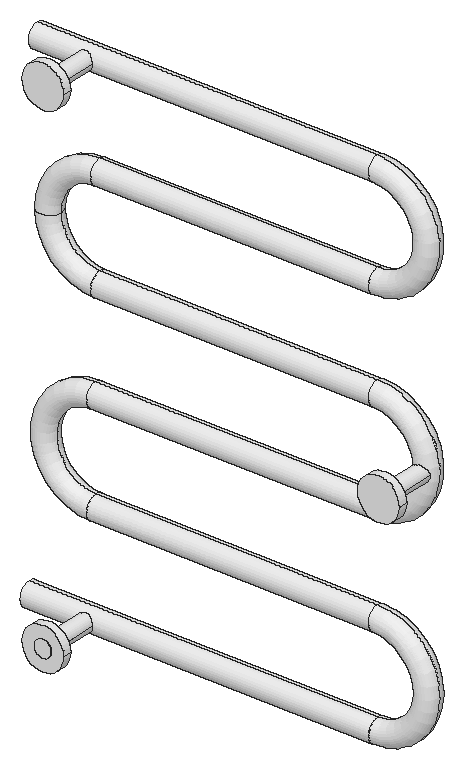
Revit family "EE 400 S 5K R", category Generic Models, host Wall, Revit 2017
Family settings
  Host = Wall
  Can host rebar = No
  Round Connector Dimension = Use Diameter
  Part Type = Normal
  Always vertical = Yes
  Cut with Voids When Loaded = No
  Shared = No
  Room Calculation Point = No
Parameters
  URL = "http://www.sentakia.com/sahkotoimiset-pyyhekuivaimet/"
  Teho = "60 W"
  Sähkönumero = "8112500"
  Sentakia_Material_Default = Stainless Steel, Polished_sentakia
  RAL-väri [instance] = no
  RAL-koodi [instance] = ""
  Model = "EE 400 S 5K R"
  Materiaali = "kromattu teräs"
  Manufacturer = "Sentakia Oy"
  Leveys = 400 mm  # constant formula
  LVI = "5282041"
  Keynote = "6120"
  IP = "IP 44"
  Height = 600 mm
  EAN = "4770046006613"
  Depth = 88 mm  # constant formula
  Assembly Code = ""
Reference planes
  plane 1 "Wall": y = 0
  plane 2 "Center (Left/Right)": x = 125
  plane 3 "Back": y = 75
  plane 4 "Outer": y = 163
  plane 5: y = 135
  plane 6 "Connector lower": z = 1200
  plane 7 "Connector upper": z = 1800
  plane 8: z = 1210
  plane 9: z = 1190
  plane 10 "r": x = 325
  plane 11 "l": x = -75
  plane 12 "Pipe": y = 149
  plane 13 "Tikas1": z = 1320
  plane 14: z = 1560
  plane 15: z = 1440
  plane 16: z = 1680
  plane 17: x = -140
  plane 18 "Handler middle": z = 1500
  plane 19: y = 85
  plane 20: x = -150
Forms (mm)
  Extrusion 1, solid, material "Stainless Steel, Polished_sentakia" <- "Sentakia_Material_Default", detail levels medium+fine
    sketch origin (0, 0, 0) x (1, 0, 0) y (0, 0, 1)
      loop
        circle (-75, 1200) r 10
    from -149 to -75
  Extrusion 2, solid, material "Stainless Steel, Polished_sentakia" <- "Sentakia_Material_Default", detail levels medium+fine
    sketch origin (0, 0, 310) x (1, 0, 0) y (0, 0, 1)
      loop
        circle (-75, 1490) r 10
    from -149 to -75
  Extrusion 3, solid, material "Stainless Steel, Polished_sentakia" <- "Sentakia_Material_Default", detail levels coarse
    sketch origin (125, 0, 0) x (0, 1, 0) y (0, 0, 1)
      loop
        line (163, 1800) -> (75, 1800) -> (75, 1200) -> (163, 1200) -> (163, 1800)
    from -265 to 200
  Sweep 4, solid, material "Stainless Steel, Polished_sentakia" <- "Sentakia_Material_Default", detail levels medium+fine
    path origin (0, 163, 0) x (0, 0, 1) y (-1, 0, 0)
      loop
        line (1800, 140) -> (1800, -265)
        arc (1800, -265) -> (1740, -325) -> (1680, -265) r 60
        line (1680, -265) -> (1680, 66)
        arc (1680, 66) -> (1662.426, 108.426) -> (1620, 126) r 60
        arc (1620, 126) -> (1577.574, 108.426) -> (1560, 66) r 60
        line (1560, 66) -> (1560, -265)
        arc (1560, -265) -> (1500, -325) -> (1440, -265) r 60
        line (1440, -265) -> (1440, 71.02)
        arc (1440, 71.02) -> (1380, 131.02) -> (1320, 71.02) r 60
        line (1320, 71.02) -> (1320, -265)
        arc (1320, -265) -> (1260, -325) -> (1200, -265) r 60
        line (1200, -265) -> (1200, 150)
    profile origin (62.5, 163, 1800) x (0, 0, 1) y (0, -1, 0)
      loop
        circle (0, 14) r 13.953
  Extrusion 5, solid, material "Stainless Steel, Polished_sentakia" <- "Sentakia_Material_Default", detail levels medium+fine
    sketch origin (0, 0, 0) x (1, 0, 0) y (0, 0, 1)
      loop
        circle (325, 1500) r 10
    from -149 to -75
  Extrusion 6, solid, material "Stainless Steel, Polished_sentakia" <- "Sentakia_Material_Default", detail levels medium+fine
    sketch origin (0, 0, 0) x (1, 0, 0) y (0, 0, 1)
      loop
        circle (325, 1500) r 25
    from -85 to -75
  Extrusion 7, solid, material "Stainless Steel, Polished_sentakia" <- "Sentakia_Material_Default", detail levels medium+fine
    sketch origin (0, 0, 0) x (1, 0, 0) y (0, 0, 1)
      loop
        circle (-75, 1800) r 25
    from -85 to -75
  Extrusion 8, solid, material "Stainless Steel, Polished_sentakia" <- "Sentakia_Material_Default", detail levels medium+fine
    sketch origin (0, 0, -600) x (1, 0, 0) y (0, 0, 1)
      loop
        circle (-75, 1800) r 25
    from -85 to -75
Cuts and joins
  joined: Extrusion 1, Extrusion 2, Sweep 4, Extrusion 5, Extrusion 6, Extrusion 7
Lines and regions (mm)
  symbolic lines, detail levels coarse
    curve 1: line (-140, 75, 0) -> (325, 75, 0)
    curve 2: line (-140, 163, 0) -> (-140, 75, 0)
    curve 3: line (325, 163, 0) -> (-140, 163, 0)
    curve 4: line (325, 75, 0) -> (325, 163, 0)
Text (mm)
  text "Placement Side" at (-1848.837, 1116.779, 0), in view "Ref. Level"
  text "Placement side" at (0, 1409.804, 2854.306), in view "Left"
  text "Placement side" at (0, 499.811, 2980.732), in view "Right"
Dimensions and locks
  locked: plane 3 "Back" to host wall
  "Depth": plane 4 "Outer" to host wall
  locked: plane 4 "Outer" to plane 5 at 28
  "Leveys": plane 11 "l" to plane 10 "r"
  plane 7 "Connector upper" to level = 1800 mm
  plane 7 "Connector upper" to plane 6 "Connector lower" = 600 mm
  equal spacing: plane 11 "l", plane 2 "Center (Left/Right)", plane 10 "r"
  plane 6 "Connector lower" to plane 7 "Connector upper" = 600 mm
  equal spacing: plane 6 "Connector lower", plane 13 "Tikas1", plane 15, plane 14, plane 16, plane 7 "Connector upper"
  "Height": plane 6 "Connector lower" to plane 7 "Connector upper"
  level to plane 7 "Connector upper" = 1800 mm
  plane 8 to plane 6 "Connector lower" to plane 9 = 10 mm, 10 mm
  plane 20 to plane 17 to plane 10 "r" = 10 mm locked, 465 mm locked
  equal spacing: plane 15, plane 18 "Handler middle", plane 14
  locked: host wall to plane 12 "Pipe" at 74
  locked: Extrusion 3 to plane 19 at 10
  aligned and locked: plane 1 "Wall" to host wall
  aligned and locked: Extrusion 1 to host wall
  aligned and locked: Extrusion 2 to host wall
  aligned and locked: plane 11 "l" to Extrusion 2 sketch curve
  aligned and locked: Extrusion 3 to plane 10 "r"
  aligned and locked: Extrusion 3 to host wall
  aligned and locked: plane 7 "Connector upper" to Extrusion 3
  aligned and locked: Extrusion 3 to plane 6 "Connector lower"
  aligned and locked: plane 17 to Extrusion 3
  aligned and locked: plane 3 "Back" to Extrusion 1
  aligned and locked: Extrusion 5 to host wall
  aligned and locked: Extrusion 6 to host wall
  aligned and locked: Extrusion 1 to plane 12 "Pipe"
  aligned and locked: plane 3 "Back" to Extrusion 5
  aligned and locked: plane 3 "Back" to Extrusion 2
  aligned and locked: plane 3 "Back" to Extrusion 6
  aligned and locked: plane 12 "Pipe" to Sweep 4 sketch curve
  aligned and locked: Extrusion 2 to plane 12 "Pipe"
  aligned and locked: Extrusion 6 to plane 19
  aligned and locked: Extrusion 7 to plane 19
  aligned and locked: Extrusion 7 to host wall
  aligned and locked: Extrusion 5 to plane 12 "Pipe"
  aligned and locked: Extrusion 8 to host wall
  aligned and locked: Extrusion 8 to plane 19
  aligned and locked: plane 20 to Sweep 4 sketch curve
  aligned and locked: plane 11 "l" to Extrusion 7 sketch curve
  aligned and locked: plane 7 "Connector upper" to Extrusion 7 sketch curve
  aligned and locked: plane 10 "r" to Extrusion 6 sketch curve
  aligned and locked: plane 18 "Handler middle" to Extrusion 6 sketch curve
  aligned and locked: plane 11 "l" to Extrusion 8 sketch curve
  aligned and locked: plane 6 "Connector lower" to Extrusion 8 sketch curve
  aligned and locked: plane 10 "r" to Extrusion 5 sketch curve
  aligned and locked: plane 18 "Handler middle" to Extrusion 5 sketch curve
  aligned and locked: plane 7 "Connector upper" to Extrusion 2 sketch curve
  aligned and locked: plane 6 "Connector lower" to Extrusion 1 sketch curve
  aligned and locked: plane 11 "l" to Extrusion 1 sketch curve
  aligned and locked: curve 1 to Extrusion 3
  aligned and locked: curve 2 to Extrusion 3
  aligned and locked: curve 3 to Extrusion 3
  aligned and locked: curve 4 to Extrusion 3
Automatic sketch dimensions
  Extrusion 3 sketch curve to host wall = 0 mm
  Extrusion 3 sketch curve to plane 4 "Outer" = 0 mm
  Extrusion 3 sketch curve to plane 6 "Connector lower" = 0 mm
  Extrusion 3 sketch curve to plane 7 "Connector upper" = 0 mm
  Sweep 4 sketch curve to Sweep 4 sketch curve = 0 mm
  Sweep 4 sketch curve to plane 6 "Connector lower" = 0 mm
  Sweep 4 sketch curve to plane 13 "Tikas1" = 0 mm
  Sweep 4 sketch curve to plane 15 = 0 mm
  Sweep 4 sketch curve to plane 18 "Handler middle" = 0 mm
  plane 11 "l" to Sweep 4 sketch curve = 51 mm
  Sweep 4 sketch curve to plane 16 = 0 mm
  Sweep 4 sketch curve to plane 7 "Connector upper" = 0 mm
  plane 17 to Sweep 4 sketch curve = 0 mm
  plane 10 "r" to Sweep 4 sketch curve = 60 mm  (x3)
  Sweep 4 sketch curve to plane 11 "l" = 3.98 mm
  profile plane to Sweep 4 sketch curve = 0 mm
  radius of Extrusion 1 sketch curve = 10 mm
  radius of Extrusion 2 sketch curve = 10 mm
  radius of Sweep 4 sketch curve = 13.953 mm
  radius of Extrusion 5 sketch curve = 10 mm
  radius of Extrusion 6 sketch curve = 25 mm
  radius of Extrusion 7 sketch curve = 25 mm
  radius of Extrusion 8 sketch curve = 25 mm
Connectors
  electrical at (-75, 75, 1200)
    settings: on cut or joined group of Extrusion 1, Extrusion 2, Sweep 4, Extrusion 5, Extrusion 6, Extrusion 7, index 1, voltage 230 V, apparent load 0 VA, apparent load phase1 0 VA, apparent load phase2 0 VA, apparent load phase3 0 VA, power factor 1, load classification "Other", number of poles 1, system type 31, power factor state 1, is connector primary yes, connector utility no, sub classification motor no, connector description ""
